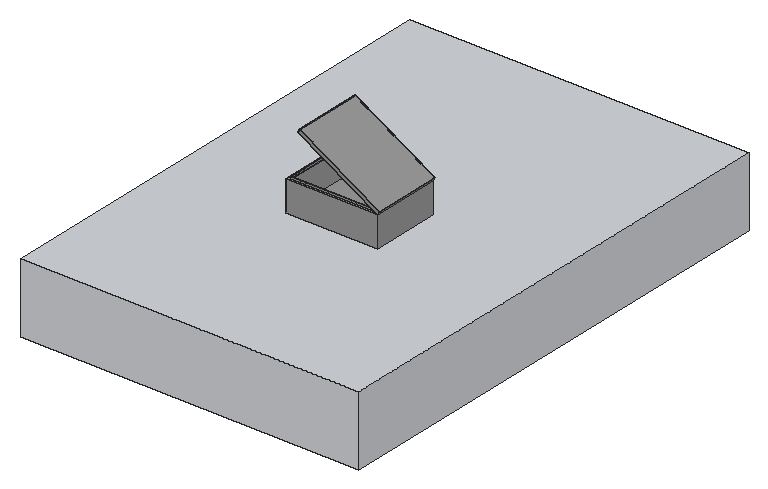
Revit family "Hager-Orion_Inox-IP66-D150-Cl.I-Inox_encl-630A-300mm-PL-en", category Equipement électrique, Revit 2020
Family settings
  Hôte = Face
  Configuration du panneau = Deux colonnes, circuits au sein
  Cote de connecteur circulaire = Utiliser le diamètre
  Type d'élément = Tableau de raccordement
  Couper avec des vides une fois chargée = Non
  Partagée = Non
  Point de calcul de pièce = Non
Parameters (values of type "Surface mounted (plaster) IP66 W400 H300 D150  - FL013BWL")
  Width Control [instance] = if([EF000008 - Width] > Min Width, [EF000008 - Width], Min Width)  # 400 mm
  Commentaires du type = [HG000003 - Range]  # "Orion Inox"
  Thickness Door [instance] = if([EF009171 - Material plate thickness door/cover] > 3 mm, 3 mm, [EF009171 - Material plate thickness door/cover])  # 1.5 mm
  Seal Frame Offset [instance] = 17 mm  # constant formula
  Model = ""
  Min Width [instance] = 100 mm  # constant formula
  Min Height [instance] = 100 mm  # constant formula
  Min Depth [instance] = (2 * [EF009170 - Material plate thickness cabinet]) + 1 mm  # 4 mm
  Internal Frame Depth [instance] = (Door System Depth * 0.5)  # 9 mm
  Height Control [instance] = if([EF000040 - Height] > Min Height, [EF000040 - Height], Min Height)  # 300 mm
  HG000027 - Plinth height = 0 mm
  HG000026 - Floor standing = no
  HG000024 - Bottom section height = 800 mm
  HG000023 - Double section enclosure = no
  HG000016 - Door 3d visibility [instance] = yes
  HG000015 - Clearance visibility [instance] = no
  HG000014 - Door on the right [instance] = yes
  HG000013 - Door on the left [instance] = not([HG000014 - Door on the right])  # no
  HG000012 - Door swing angle [instance] = 30.00°
  HG000010 - Asymmetric doors = no
  HG000009 - Double swing door = no
  HG000006 - Flush mounted = no
  HG000004 - Manufacturer reference = "FL013BWL"
  HG000003 - Range = "Orion Inox"
  HG000002 - With door or cover = yes
  Frame Offset Bottom [instance] = 10 mm  # constant formula
  Frame Offset [instance] = 15 mm  # constant formula
  EF015940 - Cover with overpressure release = no
  EF011959 - Degree of protection (NEMA) = ""
  EF009554 - Number of openings for flange plates = 0
  EF009212 - Cover model = "EV000116 - Closed"
  EF009171 - Material plate thickness door/cover = 1.5 mm
  EF009170 - Material plate thickness cabinet = 1.5 mm
  Fabricant = "Hager"  # constant formula
  EF008873 - Nominal current (In) = 630 A
  EF007800 - Suitable for lightning protection = no
  EF006306 - With lock = yes
  EF006244 - Transparent cover/door = no
  EF005474 - Degree of protection (IP) = "EV006422 - IP66"
  EF004464 - Type of door = "EV002646 - Single"
  EF004427 - Number of modules = 0
  EF004293 - Impact strength = "EV008784 - IK10"
  EF003532 - Suitable for outdoor use = yes
  EF002950 - Width in number of modular spacings = 0
  EF001613 - Circuit integrity = "EV000494 - None"
  EF001596 - Material housing = "EV000166 - Stainless steel"
  EF001131 - Internal depth = 116 mm
  EF001088 - Extension possible = yes
  EF000437 - Number of conduit inlets = 0
  EF000339 - Type of cover = "EV004216 - Door"
  EF000266 - Number of rows = 0
  EF000218 - Built-in depth = 0 mm
  EF000118 - With mounting plate = no
  EF000116 - RAL-number = ""
  EF000049 - Depth = 150 mm
  EF000040 - Height = 300 mm
  EF000008 - Width = 400 mm
  EF000007 - Colour = "EV000154 - Other"
  EF000003 - Mounting method = "EV000384 - Surface mounted (plaster)"
  Door System Leaf Tolerance [instance] = 1.5 mm  # constant formula
  Door System Depth [instance] = 18 mm  # constant formula
  Depth Control [instance] = if([EF000049 - Depth] > Min Depth, [EF000049 - Depth], Min Depth)  # 150 mm
  Default Elevation = 0 mm
Types (4, lengths in mm): name | Width Control | HG000004 - Manufacturer reference | EF009212 - Cover model | EF006306 - With lock | EF001613 - Circuit integrity | EF000008 - Width
  Surface mounted (plaster) IP66 W200 H300 D150  - FL010BW | 200 | "FL010BW" | "EV009916 - With notch" | no | "" | 200
  Surface mounted (plaster) IP66 W200 H300 D150  - FL010BWL | 200 | "FL010BWL" | "EV009916 - With notch" | no | "" | 200
  Surface mounted (plaster) IP66 W400 H300 D150  - FL013BW | 400 | "FL013BW" | "EV000116 - Closed" | yes | "EV000494 - None" | 400
  Surface mounted (plaster) IP66 W400 H300 D150  - FL013BWL | 400 | "FL013BWL" | "EV000116 - Closed" | yes | "EV000494 - None" | 400
Reference planes
  plane 1 "Center (Front/Back)": y = 0
  plane 2: z = 0
  plane 3 "Center (Left/Right)": x = 0
  plane 4: z = 150
  plane 5: y = 1.5
  plane 6: y = 150
  plane 7: y = 0
  plane 8: y = 300
  plane 9: z = 0
  plane 10: x = -185
  plane 11: x = 185
  plane 12: x = 183.5
  plane 13: x = -183.5
  plane 14: y = 298.5
  plane 15: x = -183
  plane 16: x = -200
  plane 17: x = 183
  plane 18: x = 200
  plane 19: x = 198.5
  plane 20: x = -198.5
  plane 21: y = 11.5
  plane 22: y = 300
  plane 23: y = 283.5
  plane 24: z = 132
  plane 25: z = 1.5
  plane 26: z = 130.5
  plane 27: z = 148.5
Forms (mm)
  Extrusion 1, solid
    sketch origin (0, 0, 0) x (1, 0, 0) y (0, 1, 0)
      loop
        line (-702.964, 1305) -> (-702.964, -811.445) -> (766.763, -811.445) -> (766.763, 1305) -> (-702.964, 1305)
    from 0 to -304.8
  Extrusion 2, solid, material "Hager_Stainless_Steel", detail levels medium+fine
    sketch origin (0, 0, 0) x (1, 0, 0) y (0, 1, 0)
      loop
        line (-200, 0) -> (200, 0) -> (200, 300) -> (-200, 300) -> (-200, 0)
    from 0 to 132
  Extrusion 3, solid, material "Hager_Steel_RAL 7035_Light_Grey", not visible, detail levels medium+fine
    sketch origin (0, 28.16, 50.802) x (0, 1, 0) y (0, 0, 1)
      loop
        line (173.34, -50.802) -> (173.34, 87.698)
        arc (173.34, 87.698) -> (170.411, 94.769) -> (163.34, 97.698) r 10
        line (163.34, 97.698) -> (133.34, 97.698) -> (133.34, -50.802) -> (173.34, -50.802)
    from -198.5 to 198.5
  Extrusion 4, void
    sketch origin (0, 0, 0) x (1, 0, 0) y (0, 1, 0)
      loop
        line (-198.5, 1.5) -> (198.5, 1.5) -> (198.5, 298.5) -> (-198.5, 298.5) -> (-198.5, 1.5)
    from 1.5 to 130.5
  Extrusion 5, void
    sketch origin (-381.607, -4572, 132) x (0, -1, 0) y (-1, 0, 0)
      loop
        line (-4583.5, -198.107) -> (-4855.5, -198.107) -> (-4855.5, -565.107) -> (-4583.5, -565.107) -> (-4583.5, -198.107)
    from 0 to 1.5 <- "EF009170 - Material plate thickness cabinet"
  Extrusion 6, solid, material "Hager_Stainless_Steel", detail levels fine
    sketch origin (-381.607, -4572, 132) x (-1, 0, 0) y (0, -1, 0)
      loop
        line (-198.107, -4583.5) -> (-565.107, -4583.5) -> (-565.107, -4855.5) -> (-198.107, -4855.5) -> (-198.107, -4583.5)
      loop
        line (-197.107, -4582) -> (-566.107, -4582) -> (-566.107, -4857) -> (-197.107, -4857) -> (-197.107, -4582)
    from 0 to 9 <- "Internal Frame Depth"
  Extrusion 7, solid, material "Hager_Stainless_Steel", detail levels coarse
    sketch origin (0, 0, 0) x (1, 0, 0) y (0, 1, 0)
      loop
        line (-200, 0) -> (200, 0) -> (200, 300) -> (-200, 300) -> (-200, 0)
    from 0 to 150
Cuts and joins
  Extrusion 4, Extrusion 5 cuts Extrusion 2
Lines and regions (mm)
  Masking region 1
    outline origin (0, 0, 0) x (1, 0, 0) y (0, 0, 1)
      loop
        line (-200, 150) -> (-200, 0) -> (200, 0) -> (200, 150) -> (-200, 150)
  Masking region 2, detail levels medium+fine
    outline origin (0, 140, 0) x (0, 1, 0) y (0, 0, 1)
      loop
        line (-140, 0) -> (160, 0) -> (160, 132) -> (-140, 132) -> (-140, 0)
  Masking region 3, not visible, detail levels medium+fine
    outline origin (0, 297.922, 0) x (0, 1, 0) y (0, 0, 1)
      loop
        line (-136.422, 0) -> (-96.422, 0) -> (-96.422, 138.5)
        arc (-96.422, 138.5) -> (-99.351, 145.571) -> (-106.422, 148.5) r 10
        line (-106.422, 148.5) -> (-136.422, 148.5) -> (-136.422, 0)
  Masking region 4, detail levels coarse
    outline origin (0, 0, 180) x (0, 1, 0) y (0, 0, 1)
      loop
        line (0, -180) -> (300, -180) -> (300, -30) -> (0, -30) -> (0, -180)
  Masking region 5
    outline origin (-381.607, -4572, 132) x (-1, 0, 0) y (0, -1, 0)
      loop
        line (-181.607, -4872) -> (-181.607, -4572) -> (-581.607, -4572) -> (-581.607, -4872) -> (-181.607, -4872)
Dimensions and locks
  "Depth Control": plane 4 to Extrusion 1
  "EF009170 - Material plate thickness cabinet": plane 5 to plane 7
  locked: connector elem to plane 3 "Center (Left/Right)"
  equal spacing: plane 8, plane 6, plane 7
  locked: connector elem to plane 6
  "EF009170 - Material plate thickness cabinet": plane 8 to plane 14
  "EF009170 - Material plate thickness cabinet": plane 10 to plane 13
  "EF009170 - Material plate thickness cabinet": plane 12 to plane 11
  "Frame Offset": plane 20 to plane 13
  "Frame Offset": plane 12 to plane 19
  "EF009170 - Material plate thickness cabinet": plane 16 to plane 20
  "EF009170 - Material plate thickness cabinet": plane 19 to plane 18
  "Seal Frame Offset": plane 16 to plane 15
  "Seal Frame Offset": plane 17 to plane 18
  "Frame Offset Bottom": plane 21 to plane 5
  "Frame Offset": plane 14 to plane 23
  equal spacing: plane 16, plane 3 "Center (Left/Right)", plane 18
  "Width Control": plane 16 to plane 18
  "EF009170 - Material plate thickness cabinet": plane 4 to plane 27
  "EF009170 - Material plate thickness cabinet": plane 24 to plane 26
  "EF009170 - Material plate thickness cabinet": plane 25 to level
  "Door System Depth": plane 4 to plane 24
  "Height Control": plane 1 "Center (Front/Back)" to Extrusion 7 sketch curve
  "Height Control": Masking region 4 sketch curve to plane 1 "Center (Front/Back)"
  "Thickness Door": Extrusion 6 sketch curve to plane 15
  "Thickness Door": plane 21 to Extrusion 6 sketch curve
  "Thickness Door": plane 17 to Extrusion 6 sketch curve
  "Thickness Door": Extrusion 6 sketch curve to plane 23
  "Height Control": plane 1 "Center (Front/Back)" to plane 22
  radius of Masking region 3 sketch curve = 10 mm
  radius of Extrusion 3 sketch curve = 10 mm
  aligned and locked: plane 2 to Extrusion 1
  aligned and locked: level to Extrusion 1
  aligned and locked: level to Masking region 1 sketch curve
  aligned and locked: Masking region 1 sketch curve to plane 18
  aligned and locked: Masking region 1 sketch curve to plane 16
  aligned and locked: plane 7 to Masking region 2 sketch curve
  aligned and locked: level to Masking region 3 sketch curve
  aligned and locked: Masking region 3 sketch curve to plane 27
  aligned and locked: level to Masking region 2 sketch curve
  aligned and locked: Extrusion 2 sketch curve to plane 7
  aligned and locked: plane 16 to Extrusion 2 sketch curve
  aligned and locked: plane 18 to Extrusion 2 sketch curve
  aligned and locked: Extrusion 3 sketch curve to level
  aligned and locked: plane 27 to Extrusion 3 sketch curve
  aligned and locked: plane 20 to Extrusion 3
  aligned and locked: plane 19 to Extrusion 3
  aligned and locked: plane 20 to Extrusion 4 sketch curve
  aligned and locked: plane 19 to Extrusion 4 sketch curve
  aligned and locked: Extrusion 4 sketch curve to plane 5
  aligned and locked: Extrusion 4 to plane 25
  aligned and locked: plane 26 to Extrusion 4
  aligned and locked: plane 24 to Extrusion 2
  aligned and locked: plane 21 to Extrusion 5 sketch curve
  aligned and locked: Extrusion 5 sketch curve to plane 13
  aligned and locked: Extrusion 5 sketch curve to plane 12
  aligned and locked: plane 18 to Extrusion 7 sketch curve
  aligned and locked: plane 1 "Center (Front/Back)" to Extrusion 7 sketch curve
  aligned and locked: plane 16 to Extrusion 7 sketch curve
  aligned and locked: plane 4 to Extrusion 7
  aligned and locked: Extrusion 7 to level
  aligned and locked: level to Masking region 4 sketch curve
  aligned and locked: Masking region 4 sketch curve to plane 1 "Center (Front/Back)"
  aligned and locked: Masking region 4 sketch curve to plane 4
  aligned and locked: nested 1 to level
  aligned and locked: nested 1 to plane 16
  aligned and locked: plane 8 to Extrusion 2 sketch curve
  aligned and locked: plane 23 to Extrusion 5 sketch curve
  aligned and locked: plane 14 to Extrusion 4 sketch curve
  aligned and locked: Extrusion 6 sketch curve to plane 21
  aligned and locked: plane 13 to Extrusion 6 sketch curve
  aligned and locked: plane 23 to Extrusion 6 sketch curve
  aligned and locked: plane 12 to Extrusion 6 sketch curve
  aligned and locked: Masking region 2 sketch curve to plane 8
  aligned and locked: Masking region 2 sketch curve to plane 24
  aligned and locked: nested 2 to plane 3 "Center (Left/Right)"
  aligned and locked: nested 2 to plane 24
  aligned and locked: Masking region 5 sketch curve to plane 1 "Center (Front/Back)"
  aligned and locked: Masking region 5 sketch curve to plane 18
  aligned and locked: Masking region 5 sketch curve to plane 22
  aligned and locked: Masking region 5 sketch curve to plane 16
  aligned and locked: plane 8 to plane 22
  aligned and locked: plane 7 to plane 1 "Center (Front/Back)"
  aligned and locked: nested 2 to plane 1 "Center (Front/Back)"
Automatic sketch dimensions
  Extrusion 1 sketch curve to Extrusion 1 sketch curve = 1469.727 mm
  Extrusion 1 sketch curve to Extrusion 1 sketch curve = 2116.445 mm
  plane 6 to Masking region 3 sketch curve = 11.5 mm
  Masking region 3 sketch curve to Masking region 3 sketch curve = 30 mm
  plane 6 to Extrusion 3 sketch curve = 11.5 mm
  Extrusion 3 sketch curve to Extrusion 3 sketch curve = 30 mm
  Masking region 1 sketch curve to plane 4 = 0 mm
Nested families
  nested 1: "Hager_Enclosure_Symbol" at (-200, 0, 0) x (1, 0, 0) z (0, -1, 0), Height <- "Depth Control", Width <- "Width Control", type "Hager_Enclosure_Symbol"
    with Width_Ctrl 400 mm, Width 400 mm, Height_Ctrl 150 mm, Height 150 mm, A_Width_Int 9.844 mm, A_Width 118.125 mm, A_Height_Ctrl 131.25 mm, A_Height 131.25 mm
  nested 2: "EC000058_OrionInox_Door" at (0, 300, 132) x (1, 0, 0) z (0, -1, 0), Leaf_Tolerance <- "Door System Leaf Tolerance", Angle <- "HG000012 - Door swing angle", Door_Depth <- "Door System Depth", Door_Left <- "HG000013 - Door on the left", Transparent <- "EF006244 - Transparent cover/door", Assymetrical <- "HG000010 - Asymmetric doors", Width <- "Width Control", Clearance <- "HG000015 - Clearance visibility", Double <- "HG000009 - Double swing door", 3d_Door <- "HG000016 - Door 3d visibility", Width_Ctrl <- "Width Control", Door_Right <- "HG000014 - Door on the right", Door <- "HG000002 - With door or cover", Height <- "Height Control", Thickness <- "Thickness Door", type "EC000058_OrionInox_Door", detail levels medium+fine
    with min_wh 4 mm, Width_Ctrl 400 mm, Width 400 mm, Transparent no, Thickness 1.5 mm, Seal_Material Hager_Rubber, Leaf_Width 400 mm, Leaf_Tolerance_External_Sides 0 mm, Leaf_Tolerance 1.5 mm, Leaf_Offset 0 mm, Leaf_Height 297 mm, Leaf_2_Width 400 mm, Leaf_2_Offset 200 mm, Leaf_1_Width 400 mm, Leaf_1_Offset 200 mm, Height_Ctrl 300 mm, Height 300 mm, Glass_Material Hager_Glass, Double_Clearance_Ctrl no, Double no, Door_Right_Ctrl yes, Door_Right yes, Door_Material Hager_Stainless_Steel, Door_Left_Ctrl no, Door_Left no, Door_Depth 18 mm, Door yes, Clearance_Material Hager_Clearance, Clearance_Depth 400 mm, Clearance_Ctrl no, Clearance no, Assymetrical no, Angle 30.00°, 3d_Door yes
Connectors
  electrical at (0, 150, 0)
    settings: on plane 9, index 1, voltage 0 V, apparent load 0 VA, apparent load phase1 0 VA, apparent load phase2 0 VA, apparent load phase3 0 VA, power factor 1, load classification "Other", number of poles 1, system type 30, power factor state 1, is connector primary yes, connector utility no, sub classification motor no, connector description ""
Definition of nested family "EC000058_OrionInox_Door"
  Parameters (values of type "EC000058_OrionInox_Door")
    min_wh [instance] = (2 * Thickness) + 1 mm  # 11 mm
    Width_Ctrl [instance] = 400 mm
    Width [instance] = 500 mm
    Transparent [instance] = yes
    Thickness [instance] = 5 mm
    Seal_Material [instance] = none
    Leaf_Width [instance] = if((Width_Ctrl - 2 * Leaf_Tolerance_External_Sides) > 0 mm, (Width_Ctrl - 2 * Leaf_Tolerance_External_Sides), min_wh)  # 400 mm
    Leaf_Tolerance_External_Sides [instance] = 0 mm  # constant formula
    Leaf_Tolerance [instance] = 1.5 mm
    Leaf_Offset [instance] = 0 mm  # constant formula
    Leaf_Height [instance] = if((Height_Ctrl - 2 * Leaf_Tolerance) > 0 mm, (Height_Ctrl - 2 * Leaf_Tolerance), min_wh)  # 497 mm
    Leaf_2_Width [instance] = if(and(and(Double, Assymetrical), Door_Left), (Leaf_Width / 3) - (Leaf_Tolerance / 2), if(and(and(Double, Assymetrical), Door_Right), (Leaf_Width / 3) * 2 - (Leaf_Tolerance / 2), if(and(Double, not(Assymetrical)), (Leaf_Width / 2) - Leaf_Tolerance, Leaf_Width)))  # 400 mm
    Leaf_2_Offset [instance] = if(and(Double, Assymetrical), Leaf_2_Width / 2, if(and(Double, not(Assymetrical)), Leaf_Width / 4, Leaf_Width / 2))  # 200 mm
    Leaf_1_Width [instance] = if(and(and(Double, Assymetrical), Door_Right), (Leaf_Width / 3) - (Leaf_Tolerance / 2), if(and(and(Double, Assymetrical), Door_Left), (Width / 3) * 2 - (Leaf_Tolerance / 2), if(and(Double, not(Assymetrical)), (Leaf_Width / 2) - Leaf_Tolerance, Leaf_Width)))  # 400 mm
    Leaf_1_Offset [instance] = if(and(Double, Assymetrical), Leaf_1_Width / 2, if(and(Double, not(Assymetrical)), Leaf_Width / 4, Leaf_Width / 2))  # 200 mm
    Height_Ctrl [instance] = if(Height > min_wh, Height, min_wh)  # 500 mm
    Height [instance] = 500 mm
    Glass_Material [instance] = none
    Double_Clearance_Ctrl [instance] = and(Double, Clearance)  # no
    Double [instance] = no
    Door_Right_Ctrl [instance] = and(or(Door_Right, Double), Door)  # yes
    Door_Right [instance] = yes
    Door_Material [instance] = none
    Door_Left_Ctrl [instance] = and(or(Door_Left, Double), Door)  # no
    Door_Left [instance] = no
    Door_Depth [instance] = 30 mm
    Door [instance] = yes
    Default Elevation = 1219.2 mm
    Clearance_Material [instance] = none
    Clearance_Depth [instance] = if(Leaf_1_Width > Leaf_2_Width, Leaf_1_Width, Leaf_2_Width)  # 400 mm
    Clearance_Ctrl [instance] = and(not(Double), Clearance)  # yes
    Clearance [instance] = yes
    Assymetrical [instance] = yes
    Angle [instance] = 30.00°
    3d_Door [instance] = yes
  Reference planes
    plane 1 "Center (Front/Back)": y = 0
    plane 2 "Bottom": z = 0
    plane 3 "Center (Left/Right)": x = 0
    plane 4: z = 500
    plane 5: x = -200
    plane 6: x = 200
    plane 7: z = 500
    plane 8: x = -200
    plane 9: z = 0
    plane 10: x = 200
    plane 11: y = 0
    plane 12: z = 1.5
    plane 13: x = -600
    plane 14: y = -400
    plane 15: x = 600
    plane 16: x = 0
    plane 17: x = 0
    plane 18: x = -200
    plane 19: x = 200
    plane 20: z = 498.5
  Forms (mm)
    Extrusion 1, solid, material <- "Clearance_Material", visible <- "Double_Clearance_Ctrl"
      sketch origin (1200, 0, 0) x (1, 0, 0) y (0, 0, -1)
        loop
          line (-1800, -498.5) -> (-600, -498.5) -> (-600, 0) -> (-1800, 0) -> (-1800, -498.5)
      from 0 to -400
  Dimensions and locks
    equal spacing: plane 5, plane 3 "Center (Left/Right)", plane 6
    "Width_Ctrl": plane 5 to plane 6
    "Leaf_Offset": plane 5 to plane 8
    "Leaf_Offset": plane 6 to plane 10
    "Leaf_Offset": plane 9 to level
    "Leaf_Offset": plane 4 to plane 7
    "Height_Ctrl": plane 4 to level
    "Leaf_Tolerance": plane 12 to plane 9
    locked: plane 11 to plane 1 "Center (Front/Back)"
    "Leaf_1_Offset": plane 18 to plane 16
    "Leaf_2_Offset": plane 17 to plane 19
    "Leaf_1_Width": plane 13 to plane 8
    "Leaf_2_Width": plane 10 to plane 15
    "Clearance_Depth": plane 14 to plane 1 "Center (Front/Back)"
    "Leaf_Tolerance_External_Sides": plane 8 to plane 18
    "Leaf_Tolerance_External_Sides": plane 19 to plane 10
    "Leaf_Tolerance": plane 7 to plane 20
    aligned and locked: level to plane 2 "Bottom"
    aligned and locked: nested 1 to plane 16
    aligned and locked: nested 2 to plane 17
    aligned and locked: Extrusion 1 to plane 13
    aligned and locked: plane 15 to Extrusion 1
    aligned and locked: Extrusion 1 to plane 14
    aligned and locked: plane 12 to nested 1
    aligned and locked: nested 2 to plane 12
    aligned and locked: Extrusion 1 to plane 11
    aligned and locked: plane 20 to Extrusion 1
    aligned and locked: nested 2 to plane 11
    aligned and locked: nested 1 to plane 11
  Automatic sketch dimensions
    Extrusion 1 sketch curve to level = 0 mm
    plane 5 to Extrusion 1 sketch curve = 400 mm
    plane 6 to Extrusion 1 sketch curve = 400 mm
    Extrusion 1 sketch curve to plane 4 = 1.5 mm
  Nested families
    nested 1: "EC000058_OrionInox_Door_Leaf" at (0, 0, 1.5), Width <- "Leaf_1_Width", visible <- "Door_Left_Ctrl", Leaf_Height <- "Leaf_Height", Angle <- "Angle", 3d_Door <- "3d_Door", Transparent <- "Transparent", Clearance Material <- "Clearance_Material", Clearance <- "Clearance_Ctrl", Door_Material <- "Door_Material", Glass_Material <- "Glass_Material", Door_Depth <- "Door_Depth", Seal_Material <- "Seal_Material", Thickness <- "Thickness", type "EC000058_OrionInox_Door_Leaf"
      with Width 400 mm, Transparent_Ctrl yes, Transparent yes, Thickness 5 mm, Standard no, Seal_Material none, Seal_D2 8 mm, Seal_D1 1 mm, Offset_Internal_Frame 10 mm, Lock_Width 28 mm, Lock_Thickness 2 mm, Lock_Radius 6 mm, Leaf_Height 497 mm, Internal_Seal_Thickness 8 mm, Internal_Seal_Depth_2 4.5 mm, Internal_Frame_Depth 25 mm, Glass_Thickness -1 mm, Glass_Offset -2 mm, Glass_Material none, Door_Material none, Door_Depth 30 mm, Clearance Material none, Clearance yes, Angle_Ctrl 30.00°, Angle 30.00°, 3d_Door yes
    nested 2: "EC000058_OrionInox_Door_Leaf" at (0, 0, 1.5) x (-1, 0, 0) z (0, 0, 1), Width <- "Leaf_2_Width", visible <- "Door_Right_Ctrl", Leaf_Height <- "Leaf_Height", Angle <- "Angle", 3d_Door <- "3d_Door", Transparent <- "Transparent", Clearance Material <- "Clearance_Material", Clearance <- "Clearance_Ctrl", Door_Material <- "Door_Material", Glass_Material <- "Glass_Material", Door_Depth <- "Door_Depth", Seal_Material <- "Seal_Material", Thickness <- "Thickness", type "EC000058_OrionInox_Door_Leaf"
      with Width 400 mm, Transparent_Ctrl yes, Transparent yes, Thickness 5 mm, Standard no, Seal_Material none, Seal_D2 8 mm, Seal_D1 1 mm, Offset_Internal_Frame 10 mm, Lock_Width 28 mm, Lock_Thickness 2 mm, Lock_Radius 6 mm, Leaf_Height 497 mm, Internal_Seal_Thickness 8 mm, Internal_Seal_Depth_2 4.5 mm, Internal_Frame_Depth 25 mm, Glass_Thickness -1 mm, Glass_Offset -2 mm, Glass_Material none, Door_Material none, Door_Depth 30 mm, Clearance Material none, Clearance yes, Angle_Ctrl 30.00°, Angle 30.00°, 3d_Door yes
  Definition of nested family "EC000058_OrionInox_Door_Leaf"
    Parameters (values of type "EC000058_OrionInox_Door_Leaf")
      Width [instance] = 450 mm
      Transparent_Ctrl [instance] = and(Transparent, [3d_Door])  # yes
      Transparent [instance] = yes
      Thickness [instance] = 5 mm
      Standard [instance] = and(not(Transparent), [3d_Door])  # no
      Seal_Material [instance] = none
      Seal_D2 [instance] = 8 mm  # constant formula
      Seal_D1 [instance] = 1 mm  # constant formula
      Offset_Internal_Frame [instance] = 10 mm  # constant formula
      Lock_Width [instance] = Door_Depth - Lock_Thickness  # 28 mm
      Lock_Thickness [instance] = 2 mm  # constant formula
      Lock_Radius [instance] = 6 mm  # constant formula
      Leaf_Height [instance] = 450 mm
      Internal_Seal_Thickness [instance] = 8 mm  # constant formula
      Internal_Seal_Depth_2 [instance] = 4.5 mm  # constant formula
      Internal_Frame_Depth [instance] = if(Door_Depth - Thickness > 5 mm, Door_Depth - Thickness, 5 mm)  # 25 mm
      Glass_Thickness [instance] = if(Thickness > 15 mm, Glass_Offset + 10 mm, -1 mm)  # -1 mm
      Glass_Offset [instance] = if(Thickness > 15 mm, -(Thickness + 10 mm) / 2, -2 mm)  # -2 mm
      Glass_Material [instance] = none
      Door_Material [instance] = none
      Door_Depth [instance] = 30 mm
      Default Elevation = 0 mm
      Clearance Material [instance] = none
      Clearance [instance] = yes
      Angle_Ctrl [instance] = if(Angle > 180.00°, 180.00°, Angle)  # 90.00°
      Angle [instance] = 90.00°
      3d_Door [instance] = yes
    Reference planes
      plane 1 "Center (Front/Back)": y = 0
      plane 2: z = 0
      plane 3 "Center (Left/Right)": x = 0
      plane 4: y = 450
      plane 5: x = -225
      plane 6: x = 225
      plane 7: x = -675
      plane 8: z = 450
      plane 9: z = 30
      plane 10: z = 420
      plane 11: x = 195
      plane 12: x = -195
      plane 13: y = -3
      plane 14: z = 107.833
      plane 15: y = -5
      plane 16: y = -223.314
      plane 17: x = -225
      plane 18: y = 30
    Forms (mm)
      Extrusion 1, solid, material <- "Clearance Material", visible <- "Clearance"
        sketch origin (0, 0, 0) x (1, 0, 0) y (0, 0, 1)
          loop
            line (-675, 450) -> (-675, 0) -> (225, 0) -> (225, 450) -> (-675, 450)
        from 0 to -450
      Extrusion 2, solid, material <- "Door_Material", visible <- "Standard", detail levels medium+fine
        sketch origin (-225, 0, 0) x (0, 1, 0) y (-1, 0, 0)
          loop
            line (0, 30) -> (0, 25) -> (450, 25) -> (450, 30) -> (0, 30)
        from 0 to 450 <- "Leaf_Height"
      Extrusion 3, solid, material <- "Door_Material", visible <- "Transparent_Ctrl", detail levels medium+fine
        sketch origin (-225, 0, 0) x (0, 1, 0) y (-1, 0, 0)
          loop
            line (0, 25) -> (450, 25) -> (450, 30) -> (0, 30) -> (0, 25)
        from 0 to 450 <- "Leaf_Height"
      Extrusion 4, void
        sketch origin (-250, 450, 0) x (0, 1, 0) y (0, 0, -1)
          loop
            line (-30, -420) -> (-30, -30) -> (-420, -30) -> (-420, -420) -> (-30, -420)
        from 0 to 5 <- "Thickness"
      Sweep 5, solid, material <- "Seal_Material", visible <- "Transparent_Ctrl", detail levels fine
        path in 3D
          loop
            line (-250, 30, 30) -> (-250, 30, 420) -> (-250, 420, 420) -> (-250, 420, 30) -> (-250, 30, 30)
        profile origin (-250, 225, 30) x (1, 0, 0) y (0, 0, 1)
          loop
            line (0, 0) -> (0, -8) -> (1, -8) -> (1, 0) -> (0, 0)
      Extrusion 6, solid, material <- "Glass_Material", visible <- "Transparent_Ctrl", detail levels medium+fine
        sketch origin (-255, 0, 0) x (0, 1, 0) y (0, 0, -1)
          loop
            line (420, -420) -> (420, -30) -> (30, -30) -> (30, -420) -> (420, -420)
        from -2 <- "Glass_Offset" to -1 <- "Glass_Thickness"
      Extrusion 7, solid, material <- "Door_Material", visible <- "3d_Door", detail levels medium+fine
        sketch origin (-250, 450, 0) x (0, -1, 0) y (0, 0, -1)
          loop
            line (0, -450) -> (450, -450) -> (450, 0) -> (0, 0) -> (0, -450)
          loop
            line (445, -5) -> (5, -5) -> (5, -445) -> (445, -445) -> (445, -5)
        from 0 to 25 <- "Internal_Frame_Depth"
      Sweep 8, solid, material <- "Seal_Material", visible <- "Transparent_Ctrl", detail levels fine
        path in 3D
          loop
            line (-250, 0, 0) -> (-250, 450, 0) -> (-250, 450, 450) -> (-250, 0, 450) -> (-250, 0, 0)
        profile origin (-250, 0, 225) x (1, 0, 0) y (0, 1, 0)
          loop
            line (0, 10) -> (2.975, 10)
            arc (2.975, 10) -> (4.053, 10.447) -> (4.5, 11.525) r 1.525
            line (4.5, 11.525) -> (4.5, 16.527)
            arc (4.5, 16.527) -> (4.069, 17.569) -> (3.027, 18) r 1.473
            line (3.027, 18) -> (0, 18) -> (0, 10)
    Cuts and joins
      Extrusion 4 cuts Extrusion 3
    Lines and regions (mm)
      Masking region 1, detail levels medium+fine
        outline origin (0, 0, 0) x (0, 1, 0) y (0, 0, 1)
          loop
            line (0, 0) -> (30, 0) -> (30, 450) -> (0, 450) -> (0, 0)
      Masking region 2, detail levels medium+fine
        outline origin (0, 0, 0) x (1, 0, 0) y (0, 0, 1)
          loop
            line (-225, 450) -> (-225, 0) -> (225, 0) -> (225, 450) -> (-225, 450)
      symbolic lines
        curve 1: line (225, 0, 0) -> (-675, 0, 0)
        curve 2: arc (225, 0, 0) -> (-225, 450, 0) -> (-675, 0, 0) r 450
        curve 4: line (-255, 0, 0) -> (-255, 450, 0)
      reference lines
        curve 3: line (-225, 0, 0) -> (-225, 450, 0)
      symbolic lines, detail levels medium+fine
        curve 5: line (-255, 450, 0) -> (-250, 450, 0)
        curve 7: line (-250, 0, 0) -> (-255, 0, 0)
        curve 8: line (-250, 0, 0) -> (-225, 0, 0)
        curve 9: line (-225, 0, 0) -> (-225, 450, 0)
        curve 10: line (-225, 450, 0) -> (-250, 450, 0)
      symbolic lines, detail levels fine
        curve 6: line (-250, 450, 0) -> (-250, 0, 0)
      sketch lines
        curve 11: line (-250, 0, 450) -> (-250, 0, 0)
        curve 12: line (-250, 450, 0) -> (-250, 0, 0)
        curve 13: line (-250, 450, 450) -> (-250, 450, 0)
        curve 14: line (-250, 0, 450) -> (-250, 450, 450)
        curve 15: line (-250, 420, 30) -> (-250, 30, 30)
        curve 16: line (-250, 30, 30) -> (-250, 30, 420)
        curve 17: line (-250, 420, 420) -> (-250, 420, 30)
        curve 18: line (-250, 30, 420) -> (-250, 420, 420)
      symbolic lines, visible <- "Transparent", detail levels medium+fine
        curve 19: line (-195, 0, 420) -> (195, 0, 420)
        curve 20: line (-195, 0, 30) -> (-195, 0, 420)
        curve 21: line (195, 0, 30) -> (-195, 0, 30)
        curve 22: line (195, 0, 420) -> (195, 0, 30)
    Dimensions and locks
      "Width": plane 1 "Center (Front/Back)" to plane 4
      equal spacing: plane 5, plane 3 "Center (Left/Right)", plane 6
      "Width": plane 5 to plane 6
      "Width": plane 7 to plane 5
      "Leaf_Height": plane 8 to level
      "Width": curve 5 to curve 3
      "Width": curve 3 to curve 3
      plane 8 to plane 10 = 30 mm
      plane 9 to level = 30 mm
      plane 12 to plane 5 = 30 mm
      plane 6 to plane 11 = 30 mm
      Extrusion 4 sketch curve to Extrusion 3 = 30 mm
      Extrusion 3 to Extrusion 4 sketch curve = 30 mm
      Extrusion 1 to Extrusion 4 sketch curve = 30 mm
      curve 3 to Extrusion 4 sketch curve = 30 mm
      Extrusion 4 sketch curve to cut or joined group of Extrusion 3, Extrusion 4 = 30 mm
      cut or joined group of Extrusion 3, Extrusion 4 to Extrusion 6 sketch curve = 30 mm
      cut or joined group of Extrusion 3, Extrusion 4 to Extrusion 4 sketch curve = 30 mm
      "Thickness": curve 6 to curve 4
      "Thickness": Extrusion 7 sketch curve to Extrusion 7 sketch curve  (x4)
      "Door_Depth": curve 4 to curve 3
      "Offset_Internal_Frame": profile plane to Sweep 8 sketch curve
      "Internal_Seal_Thickness": Sweep 8 sketch curve to Sweep 8 sketch curve
      "Internal_Seal_Depth_2": profile plane to Sweep 8 sketch curve
      "Seal_D1": profile plane to Sweep 5 sketch curve
      "Seal_D2": profile plane to Sweep 5 sketch curve
      "Thickness": Extrusion 2 sketch curve to Extrusion 2 sketch curve
      "Door_Depth": plane 18 to plane 1 "Center (Front/Back)"
      radius of Sweep 8 sketch curve = 1.525 mm
      radius of Sweep 8 sketch curve = 1.473 mm
      "Angle_Ctrl": angle plane 1 "Center (Front/Back)" to curve 3
      aligned and locked: level to plane 2
      aligned and locked: Extrusion 1 to curve 1
      aligned and locked: plane 6 to Extrusion 1
      aligned and locked: plane 1 "Center (Front/Back)" to Extrusion 1
      aligned and locked: plane 4 to Extrusion 1
      aligned and locked: plane 8 to Extrusion 1
      aligned and locked: curve 7 to Extrusion 2 sketch curve
      aligned and locked: curve 5 to Extrusion 2 sketch curve
      aligned and locked: curve 7 to Extrusion 3 sketch curve
      aligned and locked: Extrusion 3 sketch curve to curve 4
      aligned and locked: Extrusion 3 sketch curve to curve 6
      aligned and locked: Extrusion 3 sketch curve to curve 5
      aligned and locked: curve 9 to curve 3
      aligned and locked: Extrusion 7 sketch curve to cut or joined group of Extrusion 3, Extrusion 4  (x4)
      aligned and locked: plane 17 to curve 3
      aligned and locked: plane 1 "Center (Front/Back)" to curve 3
      aligned and locked: plane 17 to plane 5
      aligned and locked: Sweep 8 sketch curve to profile plane
      aligned and locked: Sweep 5 sketch curve to profile plane  (x2)
      aligned and locked: plane 1 "Center (Front/Back)" to Masking region 1 sketch curve
      aligned and locked: plane 18 to Masking region 1 sketch curve
      aligned and locked: level to Masking region 1 sketch curve
      aligned and locked: Masking region 1 sketch curve to plane 8
      aligned and locked: plane 17 to Masking region 2 sketch curve
      aligned and locked: level to Masking region 2 sketch curve
      aligned and locked: Masking region 2 sketch curve to plane 8
      aligned and locked: plane 12 to curve 20
      aligned and locked: plane 10 to curve 19
      aligned and locked: plane 11 to curve 22
      aligned and locked: plane 9 to curve 21
      aligned and locked: Extrusion 2 sketch curve to cut or joined group of Extrusion 3, Extrusion 4
    Automatic sketch dimensions
      plane 1 "Center (Front/Back)" to curve 2 = 0 mm
      curve 2 to plane 5 = 0 mm
      Extrusion 1 sketch curve to level = 0 mm
      Extrusion 1 sketch curve to plane 7 = 0 mm
      Extrusion 1 sketch curve to plane 6 = 0 mm
      Extrusion 1 sketch curve to plane 8 = 0 mm
      Extrusion 3 to Extrusion 6 sketch curve = 30 mm  (x4)
      Masking region 2 sketch curve to plane 6 = 0 mm
      curve 4 to curve 3 = 0 mm
Definition of nested family "Hager_Enclosure_Symbol"
  Parameters (values of type "Hager_Enclosure_Symbol")
    Width_Ctrl [instance] = if(Width > 1 mm, Width, 1 mm)  # 102.27 mm
    Width [instance] = 102.27 mm
    Height_Ctrl [instance] = if(Height > 1 mm, Height, 1 mm)  # 66.5 mm
    A_Width_Int [instance] = if(A_Width / 12 > 2 mm, A_Width / 12, 2 mm)  # 4.364 mm
    A_Width [instance] = if(A_Height_Ctrl * 0.9 > 2 mm, A_Height_Ctrl * 0.9, 2 mm)  # 52.369 mm
    A_Height_Ctrl [instance] = if(A_Height > 2 mm, A_Height, 2 mm)  # 58.188 mm
    Height [instance] = 66.5 mm
    A_Height [instance] = Height - (Height / 8)  # 58.188 mm
  Reference planes
    plane 1 "Centre (avant/arrière)": y = 0
    plane 2: z = 0
    plane 3 "Centre (gauche/droite)": x = 0
    plane 4: x = 52.369
    plane 5: y = 33.042
    plane 6: y = 41.77
    plane 7: y = 66.5
    plane 8: x = 26.184
    plane 9: y = 37.406
    plane 10: x = 102.27
    plane 11: y = 66.5
    plane 12: y = 8.313
  Lines and regions (mm)
    Filled region 1, type "Solid_Black", in view "Niveau de réf."
      outline origin (0, 0, 0) x (1, 0, 0) y (0, 1, 0)
        loop
          line (52.369, 66.5) -> (33.188, 54.536) -> (45.365, 45.006) -> (52.369, 66.5)
    Filled region 2, type "Solid_Black", in view "Niveau de réf."
      outline origin (0, 0, 0) x (1, 0, 0) y (0, 1, 0)
        loop
          line (0, 0) -> (102.27, 0) -> (102.27, 66.5) -> (0, 0)
    detail lines, in view "Niveau de réf."
      curve 1: line (0, 8.313, 0) -> (26.184, 41.77, 0)
      curve 2: line (26.184, 41.77, 0) -> (26.184, 33.042, 0)
      curve 3: line (26.184, 33.042, 0) -> (52.369, 66.5, 0)
  Dimensions and locks
    "A_Width": plane 3 "Centre (gauche/droite)" to plane 4
    equal spacing: plane 3 "Centre (gauche/droite)", plane 8, plane 4
    equal spacing: plane 6, plane 9, plane 5
    equal spacing: curve 3, Filled region 1 sketch curve, Filled region 1 sketch curve
    "Height_Ctrl": plane 1 "Centre (avant/arrière)" to plane 11
    "A_Height_Ctrl": plane 11 to plane 12
    equal spacing: plane 11, plane 9, plane 12
    "A_Width_Int": plane 6 to plane 9
    "Width_Ctrl": plane 3 "Centre (gauche/droite)" to plane 10
    angle Filled region 1 sketch curve to curve 3 = 20.00°
    angle curve 3 to Filled region 1 sketch curve = 20.00°
    locked: curve 3 to Filled region 1 sketch curve (angle 90.00°)
    aligned and locked: plane 10 to Filled region 2
    aligned and locked: plane 11 to Filled region 2 sketch curve
    aligned and locked: plane 10 to Filled region 2 sketch curve
    aligned and locked: plane 3 "Centre (gauche/droite)" to curve 1
    aligned and locked: plane 12 to curve 1
    aligned and locked: plane 7 to plane 11
  Automatic sketch dimensions
    Filled region 1 sketch curve to plane 4 = 0 mm
    Filled region 1 sketch curve to plane 7 = 0 mm
    plane 1 "Centre (avant/arrière)" to Filled region 2 sketch curve = 0 mm
    Filled region 2 sketch curve to plane 3 "Centre (gauche/droite)" = 0 mm
    curve 2 to plane 6 = 0 mm
    curve 2 to plane 8 = 0 mm
    curve 3 to plane 4 = 0 mm
    curve 2 to plane 5 = 0 mm
    curve 3 to plane 7 = 0 mm
